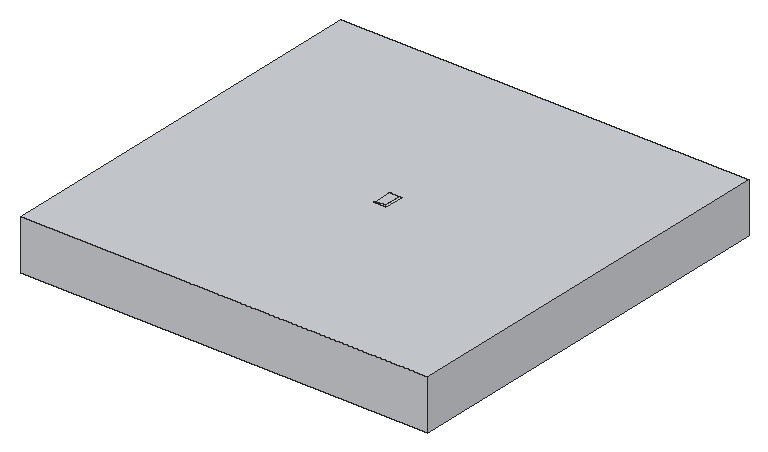
Revit family "M_Extremidade do resistor de linha", category Dispositivos de alarme de incêndio, Revit 2019
Family settings
  Hospedeiro = Face
  Manter orientação da anotação = Sim
  Cota do conector redondo = Utilizar diâmetro
  Tipo de parte = Normal
  Número OmniClass = 23.85.30.21.11.17
  Título OmniClass = Other Components
  ID de item do Seek = End of Line Resistor-0000-CAN-ENU
  Corte com vazios quando carregada = Não
  Compartilhado = Não
  Ponto de cálculo do ambiente = Não
Parameters (values of type "Padrão")
  Largura 2 = 51 mm
  Material = none
  Largura da superfície = 73 mm
  Linear 2 = 51 mm
  Linear 1 = 3 mm
  Raio 1 = 13 mm
  Legenda = "EOLD"
  Altura 2 = 89 mm
  Altura da superfície = 117 mm
  Elevação-padrão = 460 mm
  Assembly Code = ""
Reference planes
  plane 1 "Centro (Frente/Trás)": y = 0
  plane 2: z = 0
  plane 3 "Centro (Esquerda/Direita)": x = 0
  plane 4 "Esquerda interna": x = -25.5
  plane 5 "Interior à direita": x = 25.5
  plane 6 "Interno superior": y = 44.5
  plane 7 "Inferior interno": y = -44.5
  plane 8 "Exterior à direita": x = 30.113
  plane 9 "Externo superior": y = 58.5
  plane 10 "Inferior externo": y = -58.5
  plane 11 "Parte frontal": z = 3
  plane 12 "Parte posterior": z = -51
  plane 13: y = 52.15
  plane 14: y = -52.15
  plane 15: x = -30.439
  plane 16: x = 36.5
  plane 17: x = -13
  plane 18: x = 13
  plane 19: x = -36.5
Forms (mm)
  Extrusion 1, solid
    sketch origin (0, 0, 0) x (1, 0, 0) y (0, 1, 0)
      loop
        line (-1260.826, 1219.2) -> (-1260.826, -1219.2) -> (1219.2, -1219.2) -> (1219.2, 1219.2) -> (-1260.826, 1219.2)
    from 0 to -304.8
  Extrusion 2, solid, material <- "Material"
    sketch origin (0, 0, 0) x (1, 0, 0) y (0, 1, 0)
      loop
        line (-25.5, 44.5) -> (-25.5, -44.5) -> (25.5, -44.5) -> (25.5, 44.5) -> (-25.5, 44.5)
    from 0 to -51
  Blend 3, solid, material <- "Material"
    base sketch origin (0, 0, 0) x (1, 0, 0) y (0, 1, 0)
      loop
        line (-36.5, 58.5) -> (-36.5, -58.5) -> (36.5, -58.5) -> (36.5, 58.5) -> (-36.5, 58.5)
    top sketch origin (0, 0, 0) x (1, 0, 0) y (0, 1, 0)
      loop
        line (-30.439, 52.15) -> (-30.439, -52.15) -> (30.113, -52.15) -> (30.113, 52.15) -> (-30.439, 52.15)
    from 0 to 3
Lines and regions (mm)
  symbolic lines, detail levels fine
    curve 1: line (-25.5, 0, 0) -> (-25.5, 0, -51)
    curve 2: line (-25.5, 0, -51) -> (25.5, 0, -51)
    curve 3: line (25.5, 0, -51) -> (25.5, 0, 0)
    curve 4: line (-36.5, 0, 0) -> (36.5, 0, 0)
    curve 5: line (-30.439, 0, 3) -> (-36.5, 0, 0)
    curve 6: line (36.5, 0, 0) -> (30.113, 0, 3)
    curve 7: line (30.113, 0, 3) -> (-30.439, 0, 3)
Dimensions and locks
  equal spacing: plane 4 "Esquerda interna", plane 3 "Centro (Esquerda/Direita)", plane 5 "Interior à direita"
  "Largura 2": plane 4 "Esquerda interna" to plane 5 "Interior à direita"
  equal spacing: plane 6 "Interno superior", plane 1 "Centro (Frente/Trás)", plane 7 "Inferior interno"
  "Altura 2": plane 6 "Interno superior" to plane 7 "Inferior interno"
  equal spacing: plane 9 "Externo superior", plane 1 "Centro (Frente/Trás)", plane 10 "Inferior externo"
  "Altura da superfície": plane 9 "Externo superior" to plane 10 "Inferior externo"
  "Linear 1": plane 11 "Parte frontal" to plane 2
  "Linear 2": plane 2 to plane 12 "Parte posterior"
  locked: plane 8 "Exterior à direita" to plane 16 at 6.387
  locked: plane 14 to plane 10 "Inferior externo" at 6.35
  locked: plane 9 "Externo superior" to plane 13 at 6.35
  equal spacing: plane 18, plane 3 "Centro (Esquerda/Direita)", plane 17
  "Raio 1": plane 3 "Centro (Esquerda/Direita)" to plane 17
  locked: plane 19 to plane 15 at 6.061
  equal spacing: plane 19, plane 3 "Centro (Esquerda/Direita)", plane 16
  "Largura da superfície": plane 19 to plane 16
  aligned and locked: plane 2 to Extrusion 1
  aligned and locked: level to Extrusion 1
  aligned and locked: plane 4 "Esquerda interna" to Extrusion 2 sketch curve
  aligned and locked: Extrusion 2 sketch curve to plane 6 "Interno superior"
  aligned and locked: plane 7 "Inferior interno" to Extrusion 2 sketch curve
  aligned and locked: Extrusion 2 sketch curve to plane 5 "Interior à direita"
  aligned and locked: Extrusion 2 to plane 12 "Parte posterior"
  aligned and locked: plane 10 "Inferior externo" to Blend 3 sketch curve
  aligned and locked: Blend 3 sketch curve to plane 16
  aligned and locked: Blend 3 sketch curve to plane 9 "Externo superior"
  aligned and locked: Blend 3 sketch curve to plane 13
  aligned and locked: plane 15 to Blend 3 sketch curve
  aligned and locked: plane 14 to Blend 3 sketch curve
  aligned and locked: Blend 3 sketch curve to plane 8 "Exterior à direita"
  aligned and locked: plane 11 "Parte frontal" to Blend 3
  aligned and locked: Blend 3 to plane 2
  aligned and locked: curve 1 to Extrusion 2
  aligned and locked: curve 2 to Extrusion 2
  aligned and locked: curve 3 to Extrusion 2
  aligned and locked: curve 4 to Blend 3
  aligned and locked: curve 5 to Blend 3
  aligned and locked: curve 6 to Blend 3
  aligned and locked: curve 7 to Blend 3
  aligned and locked: plane 19 to Blend 3 sketch curve
  aligned and locked: plane 1 "Centro (Frente/Trás)" to nested 1
  aligned and locked: plane 3 "Centro (Esquerda/Direita)" to nested 1
Automatic sketch dimensions
  Extrusion 1 sketch curve to Extrusion 1 sketch curve = 2480.026 mm
  Extrusion 1 sketch curve to Extrusion 1 sketch curve = 2438.4 mm
Nested families
  nested 1: "M_Anotação da extremidade do resistor de linha" at (0, 0, 0), type "Anotação do final do resistor de linha", detail levels coarse+medium
Connectors
  electrical at (0, 44.5, -25.5)
    settings: on Extrusion 2, index 1, voltage 0 V, apparent load 0 VA, apparent load phase1 0 VA, apparent load phase2 0 VA, apparent load phase3 0 VA, power factor 0, load classification "Outros", number of poles 1, system type 11, power factor state 1, is connector primary yes, connector utility no, sub classification motor no, connector description ""
Definition of nested family "M_Anotação da extremidade do resistor de linha"
  Parameters
    Anotação de legenda = "EOLD"
  Reference planes
    plane 1: y = 0
    plane 2: x = 0
  Lines and regions (mm)
    reference lines
      curve 1: line (-5.556, 5.936, 0) -> (-5.556, -6.199, 0)
      curve 2: line (5.556, 7.5, 0) -> (5.556, -6.95, 0)
      curve 3: line (-11.124, 4.763, 0) -> (19.901, 4.763, 0)
    detail lines
      curve 4: line (-5.556, 4.763, 0) -> (5.556, 4.763, 0)
      curve 5: line (-5.556, 0, 0) -> (-5.556, 4.763, 0)
      curve 6: line (5.556, 0, 0) -> (-5.556, 0, 0)
      curve 7: line (5.556, 4.763, 0) -> (5.556, 0, 0)
  Text (mm)
    label "EOLD" at (-4.384, 1.932, 0), shows "Anotação de legenda"
  Dimensions and locks
    locked: curve 1 to plane 2 at 5.556
    locked: plane 2 to curve 2 at 5.556
    locked: plane 1 to curve 3 at 4.763
    aligned and locked: curve 3 to curve 4
    aligned and locked: curve 5 to curve 1
    aligned and locked: curve 6 to plane 1
    aligned and locked: curve 2 to curve 7
